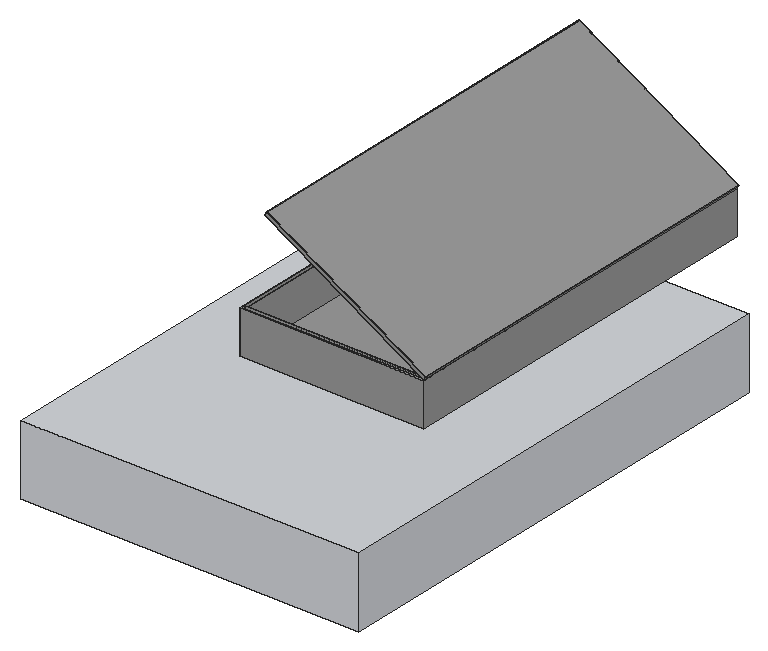
Revit family "Hager-Univers-IP44-D205-H1700-Cl.I-Encl-CH-it", category Equipement électrique, Revit 2020
Family settings
  Hôte = Face
  Configuration du panneau = Deux colonnes, circuits au sein
  Cote de connecteur circulaire = Utiliser le diamètre
  Type d'élément = Tableau de raccordement
  Couper avec des vides une fois chargée = Non
  Partagée = Non
  Point de calcul de pièce = Non
Parameters (values of type "A parete IP44 L800 A1700 P205  - FP13TN2")
  Width Control [instance] = if([EF000008 - Larghezza] > Min Width, [EF000008 - Larghezza], Min Width)  # 800 mm
  Commentaires du type = [HG000003 - Gamma]  # "Univers"
  Thickness Door [instance] = if([EF009171 - spessore materiale porta/coperchio] > 3 mm, 3 mm, [EF009171 - spessore materiale porta/coperchio])  # 1 mm
  Seal Frame Offset [instance] = 17 mm  # constant formula
  Plinth Visibility [instance] = [HG000027 - Altezza dello zoccolo] > 0 mm  # no
  Model = ""
  Min Width [instance] = 100 mm  # constant formula
  Min Height [instance] = 100 mm  # constant formula
  Min Depth [instance] = (2 * [EF009170 - spessore materiale scatola]) + 1 mm  # 3 mm
  Internal Frame Depth [instance] = (Door System Depth * 0.5)  # 9 mm
  Height Control [instance] = if([EF000040 - Altezza] > Min Height, [EF000040 - Altezza], Min Height)  # 1700 mm
  HG000027 - Altezza dello zoccolo = 0 mm
  HG000026 - A pavimento = no
  HG000024 - Altezza della sezione inferiore = 800 mm
  HG000023 - Custodia a doppia sezione = no
  HG000016 - Visibilità delle porte nella vista 3D [instance] = yes
  HG000015 - Visibilità attraverso la porta [instance] = no
  HG000014 - Porta destra [instance] = yes
  HG000013 - Porta sinistra [instance] = not([HG000014 - Porta destra])  # no
  HG000012 - Angolo di apertura della porta [instance] = 30.00°
  HG000010 - Porte asimmetriche = no
  HG000009 - Porta doppia a battente = no
  HG000006 - Ad incasso = no
  HG000004 - Codice produttore = "FP13TN2"
  HG000003 - Gamma = "Univers"
  HG000002 - Con porta = yes
  Frame Offset Bottom [instance] = 10 mm  # constant formula
  Frame Offset [instance] = 15 mm  # constant formula
  EF015940 - Coprire con rilascio di sovrapressione = no
  EF011959 - tipo di protezione (NEMA) = ""
  EF009554 - numero delle aperture per la piastra della flangia = 6
  Fabricant = "Hager"  # constant formula
  EF009212 - esecuzione coperchio = "EV000116 - chiuso"
  EF009171 - spessore materiale porta/coperchio = 1 mm
  EF009170 - spessore materiale scatola = 1 mm
  EF008873 - corrente nominale (In) = 400 A
  EF007800 - adatto per parafulmine = no
  EF006306 - con serratura = no
  EF006244 - coperchio/porta trasparente = no
  EF005474 - grado di protezione (IP) = "EV006418 - IP44"
  EF004464 - tipo di porta = "EV002646 - singolo"
  EF004427 - numero di moduli = 396
  EF004293 - resistenza agli urti = "EV006815 - IK09"
  EF003532 - adatto per uso esterno = no
  EF002950 - Numero moduli DIN = 36
  EF001613 - Integrità del circuito = "EV000494 - senza"
  EF001596 - Attacco Lampada = "EV000179 - acciaio"
  EF001131 - profondità interna = 205 mm
  EF001088 - possibilità di applicazione = yes
  EF000437 - numero di ingressi per conduttori = 6
  EF000339 - tipo di copertura = "EV001012 - coperchio"
  EF000266 - numero di file = 11
  EF000218 - profondità di incasso = 205 mm
  EF000118 - con piastra di montaggio = no
  EF000116 - numero RAL = "9010"
  EF000049 - profondità = 205 mm
  EF000040 - Altezza = 1700 mm
  EF000008 - Larghezza = 800 mm
  EF000007 - colore = "EV000202 - bianco"
  EF000003 - Tipo di montaggio = "EV000384 - A parete"
  Door System Leaf Tolerance [instance] = 1.5 mm  # constant formula
  Door System Depth [instance] = 18 mm  # constant formula
  Door Height [instance] = Height Control - [HG000027 - Altezza dello zoccolo]  # 1700 mm
  Depth Control [instance] = if([EF000049 - profondità] > Min Depth, [EF000049 - profondità], Min Depth)  # 205 mm
  Default Elevation = 0 mm
  Connector Offset [instance] = Height Control / 2  # 850 mm
  Bottom Top Plate Trim [instance] = 1.5 mm  # constant formula
  Plinth height Ctrl [instance] = if([HG000027 - Altezza dello zoccolo] > 0 mm, [HG000027 - Altezza dello zoccolo], 12 mm)  # 12 mm
Types (5, lengths in mm): name | Width Control | HG000010 - Porte asimmetriche | HG000009 - Porta doppia a battente | HG000004 - Codice produttore | EF009554 - numero delle aperture per la piastra della flangia | EF008873 - corrente nominale (In) | EF004464 - tipo di porta | EF004427 - numero di moduli | EF002950 - Numero moduli DIN | EF000437 - numero di ingressi per conduttori | EF000008 - Larghezza
  A parete IP44 L1050 A1700 P205  - FP14TN2 | 1050 | no | yes | "FP14TN2" | 8 | 400 A | "EV003602 - doppio" | 528 | 48 | 8 | 1050
  A parete IP44 L1300 A1700 P205  - FP15TN2 | 1300 | yes | yes | "FP15TN2" | 10 | 400 A | "EV003602 - doppio" | 660 | 60 | 10 | 1300
  A parete IP44 L300 A1700 P205  - FP11TN2 | 300 | no | no | "FP11TN2" | 2 | 250 A | "EV002646 - singolo" | 132 | 12 | 2 | 300
  A parete IP44 L550 A1700 P205  - FP12TN2 | 550 | no | no | "FP12TN2" | 4 | 250 A | "EV002646 - singolo" | 264 | 24 | 4 | 550
  A parete IP44 L800 A1700 P205  - FP13TN2 | 800 | no | no | "FP13TN2" | 6 | 400 A | "EV002646 - singolo" | 396 | 36 | 6 | 800
Reference planes
  plane 1 "Center (Front/Back)": y = 0
  plane 2: z = 0
  plane 3 "Center (Left/Right)": x = 0
  plane 4: z = 205
  plane 5: y = 1
  plane 6: y = 850
  plane 7: y = 0
  plane 8: y = 1700
  plane 9: z = 0
  plane 10: x = -385
  plane 11: x = 385
  plane 12: x = 384
  plane 13: x = -384
  plane 14: y = 1699
  plane 15: x = -383
  plane 16: x = -400
  plane 17: x = 383
  plane 18: x = 400
  plane 19: x = 399
  plane 20: x = -399
  plane 21: y = 11
  plane 22: y = 1700
  plane 23: y = 1684
  plane 24: z = 187
  plane 25: z = 1
  plane 26: z = 186
  plane 27: z = 204
Forms (mm)
  Extrusion 1, solid
    sketch origin (0, 0, 0) x (1, 0, 0) y (0, 1, 0)
      loop
        line (-702.964, 1305) -> (-702.964, -811.445) -> (766.763, -811.445) -> (766.763, 1305) -> (-702.964, 1305)
    from 0 to -304.8
  Extrusion 2, solid, material "Hager_Steel_RAL7035_Light_Grey", visible <- "Plinth Visibility", detail levels medium+fine
    sketch origin (0, 0, 0) x (1, 0, 0) y (0, 1, 0)
      loop
        line (-400, 0) -> (400, 0) -> (400, 12) -> (-400, 12) -> (-400, 0)
    from 0 to 187
  Extrusion 3, solid, material "Hager_Steel_RAL7035_Light_Grey", detail levels medium+fine
    sketch origin (0, 0, 0) x (1, 0, 0) y (0, 1, 0)
      loop
        line (-400, 0) -> (400, 0) -> (400, 1700) -> (-400, 1700) -> (-400, 0)
    from 0 to 187
  Extrusion 4, void
    sketch origin (0, 0, 0) x (1, 0, 0) y (0, 1, 0)
      loop
        line (-399, 1) -> (399, 1) -> (399, 1699) -> (-399, 1699) -> (-399, 1)
    from 1 to 186
  Extrusion 5, void
    sketch origin (-381.607, -4572, 187) x (0, -1, 0) y (-1, 0, 0)
      loop
        line (-4583, 2.393) -> (-6256, 2.393) -> (-6256, -765.607) -> (-4583, -765.607) -> (-4583, 2.393)
    from 0 to 1 <- "EF009170 - spessore materiale scatola"
  Extrusion 6, solid, material "Hager_Steel_RAL7035_Light_Grey", detail levels fine
    sketch origin (0, 0, 187) x (1, 0, 0) y (0, 1, 0)
      loop
        line (-384, 1684) -> (-384, 11) -> (384, 11) -> (384, 1684) -> (-384, 1684)
      loop
        line (-385, 10) -> (385, 10) -> (385, 1685) -> (-385, 1685) -> (-385, 10)
    from 0 to 9 <- "Internal Frame Depth"
  Extrusion 7, solid, material "Hager_Steel_RAL7035_Light_Grey", detail levels coarse
    sketch origin (0, 0, 0) x (1, 0, 0) y (0, 1, 0)
      loop
        line (-400, 0) -> (400, 0) -> (400, 1700) -> (-400, 1700) -> (-400, 0)
    from 0 to 205
  Sweep 8, void
    path in 3D
      loop
        line (-400, 12, 0) -> (400, 12, 0) -> (400, 12, 187) -> (-400, 12, 187) -> (-400, 12, 0)
    profile origin (-400, 12, 93.5) x (-1, 0, 0) y (0, -1, 0)
      loop
        line (0, 0) -> (0, 1.5) -> (-1.5, 1.5)
        arc (-1.5, 1.5) -> (-1.061, 0.439) -> (0, 0) r 1.5
Cuts and joins
  Extrusion 4, Extrusion 5 cuts Extrusion 3
  Sweep 8 cuts Extrusion 2
Lines and regions (mm)
  Masking region 1
    outline origin (0, 0, 0) x (1, 0, 0) y (0, 0, 1)
      loop
        line (-400, 205) -> (-400, 0) -> (400, 0) -> (400, 205) -> (-400, 205)
  Masking region 2, detail levels medium+fine
    outline origin (0, 140, 0) x (0, 1, 0) y (0, 0, 1)
      loop
        line (-140, 0) -> (1560, 0) -> (1560, 187) -> (-140, 187) -> (-140, 0)
  Masking region 3, not visible, detail levels medium+fine
    outline origin (0, 297.922, 0) x (0, 1, 0) y (0, 0, 1)
      loop
        line (563.578, 0) -> (603.578, 0) -> (603.578, 194)
        arc (603.578, 194) -> (600.649, 201.071) -> (593.578, 204) r 10
        line (593.578, 204) -> (563.578, 204) -> (563.578, 0)
  Masking region 4, detail levels coarse
    outline origin (0, 0, 180) x (0, 1, 0) y (0, 0, 1)
      loop
        line (0, -180) -> (1700, -180) -> (1700, 25) -> (0, 25) -> (0, -180)
  Masking region 5, visible <- "Plinth Visibility", detail levels medium+fine
    outline origin (0, 52.24, 12.345) x (0, 0, -1) y (0, 1, 0)
      loop
        line (10.845, -40.24) -> (-173.155, -40.24)
        arc (-173.155, -40.24) -> (-173.594, -41.301) -> (-174.655, -41.74) r 1.5
        line (-174.655, -41.74) -> (-174.655, -52.24) -> (12.345, -52.24) -> (12.345, -41.74)
        arc (12.345, -41.74) -> (11.285, -41.301) -> (10.845, -40.24) r 1.5
  Masking region 6, detail levels medium+fine
    outline origin (-381.607, -4572, 187) x (-1, 0, 0) y (0, -1, 0)
      loop
        line (18.393, -6272) -> (18.393, -4572) -> (-781.607, -4572) -> (-781.607, -6272) -> (18.393, -6272)
  Masking region 7, visible <- "Plinth Visibility", detail levels medium+fine
    outline origin (-381.607, -4727, 187) x (-1, 0, 0) y (0, -1, 0)
      loop
        arc (16.893, -4739) -> (17.332, -4737.939) -> (18.393, -4737.5) r 1.5
        line (18.393, -4737.5) -> (18.393, -4727) -> (-781.607, -4727) -> (-781.607, -4737.5)
        arc (-781.607, -4737.5) -> (-780.546, -4737.939) -> (-780.107, -4739) r 1.5
        line (-780.107, -4739) -> (16.893, -4739)
  Masking region 8, detail levels coarse
    outline origin (-442.548, -4669.526, 187) x (-1, 0, 0) y (0, -1, 0)
      loop
        line (-42.548, -6369.526) -> (-42.548, -4669.526) -> (-842.548, -4669.526) -> (-842.548, -6369.526) -> (-42.548, -6369.526)
  sketch lines
    curve 1: line (-400, 12, 187) -> (-400, 12, 0)
    curve 2: line (400, 12, 187) -> (-400, 12, 187)
    curve 3: line (400, 12, 187) -> (400, 12, 0)
    curve 4: line (-400, 12, 0) -> (400, 12, 0)
Dimensions and locks
  "Depth Control": plane 4 to Extrusion 1
  "HG000027 - Altezza dello zoccolo": plane 1 "Center (Front/Back)" to plane 7
  "EF009170 - spessore materiale scatola": plane 5 to plane 7
  locked: connector elem to plane 3 "Center (Left/Right)"
  equal spacing: plane 8, plane 6, plane 7
  locked: connector elem to plane 6
  "EF009170 - spessore materiale scatola": plane 8 to plane 14
  "EF009170 - spessore materiale scatola": plane 10 to plane 13
  "EF009170 - spessore materiale scatola": plane 12 to plane 11
  "Frame Offset": plane 20 to plane 13
  "Frame Offset": plane 12 to plane 19
  "EF009170 - spessore materiale scatola": plane 16 to plane 20
  "EF009170 - spessore materiale scatola": plane 19 to plane 18
  "Seal Frame Offset": plane 16 to plane 15
  "Seal Frame Offset": plane 17 to plane 18
  "Frame Offset Bottom": plane 21 to plane 5
  "Frame Offset": plane 14 to plane 23
  equal spacing: plane 16, plane 3 "Center (Left/Right)", plane 18
  "Width Control": plane 16 to plane 18
  "EF009170 - spessore materiale scatola": plane 4 to plane 27
  "EF009170 - spessore materiale scatola": plane 24 to plane 26
  "EF009170 - spessore materiale scatola": plane 25 to level
  "Door System Depth": plane 4 to plane 24
  "Height Control": plane 1 "Center (Front/Back)" to Extrusion 7 sketch curve
  "Height Control": Masking region 4 sketch curve to plane 1 "Center (Front/Back)"
  "Height Control": plane 1 "Center (Front/Back)" to plane 22
  "Bottom Top Plate Trim": profile plane to Sweep 8 sketch curve
  "Bottom Top Plate Trim": Sweep 8 sketch curve to profile plane
  "Plinth height Ctrl": plane 1 "Center (Front/Back)" to Extrusion 2 sketch curve
  "Plinth height Ctrl": Masking region 5 sketch curve to plane 1 "Center (Front/Back)"
  "Plinth height Ctrl": plane 1 "Center (Front/Back)" to Masking region 7 sketch curve
  "Thickness Door": Extrusion 6 sketch curve to Extrusion 6 sketch curve  (x3)
  "Thickness Door": cut or joined group of Extrusion 3, Extrusion 4, Extrusion 5 to Extrusion 6 sketch curve
  radius of Masking region 3 sketch curve = 10 mm
  "Bottom Top Plate Trim": radius of Masking region 5 sketch curve  (x2)
  "Bottom Top Plate Trim": radius of Sweep 8 sketch curve
  "Bottom Top Plate Trim": radius of Masking region 7 sketch curve  (x2)
  aligned and locked: plane 2 to Extrusion 1
  aligned and locked: level to Extrusion 1
  aligned and locked: level to Masking region 1 sketch curve
  aligned and locked: Masking region 1 sketch curve to plane 18
  aligned and locked: Masking region 1 sketch curve to plane 16
  aligned and locked: plane 7 to Masking region 2 sketch curve
  aligned and locked: level to Masking region 3 sketch curve
  aligned and locked: Masking region 3 sketch curve to plane 27
  aligned and locked: level to Masking region 2 sketch curve
  aligned and locked: plane 1 "Center (Front/Back)" to Extrusion 2 sketch curve
  aligned and locked: Extrusion 3 sketch curve to plane 7
  aligned and locked: plane 16 to Extrusion 3 sketch curve
  aligned and locked: plane 18 to Extrusion 3 sketch curve
  aligned and locked: plane 20 to Extrusion 4 sketch curve
  aligned and locked: plane 19 to Extrusion 4 sketch curve
  aligned and locked: Extrusion 4 sketch curve to plane 5
  aligned and locked: Extrusion 4 to plane 25
  aligned and locked: plane 26 to Extrusion 4
  aligned and locked: plane 24 to Extrusion 3
  aligned and locked: Extrusion 5 sketch curve to plane 21
  aligned and locked: Extrusion 5 sketch curve to plane 13
  aligned and locked: Extrusion 5 sketch curve to plane 12
  aligned and locked: plane 18 to Extrusion 7 sketch curve
  aligned and locked: plane 1 "Center (Front/Back)" to Extrusion 7 sketch curve
  aligned and locked: plane 16 to Extrusion 7 sketch curve
  aligned and locked: plane 4 to Extrusion 7
  aligned and locked: Extrusion 7 to level
  aligned and locked: level to Masking region 4 sketch curve
  aligned and locked: Masking region 4 sketch curve to plane 1 "Center (Front/Back)"
  aligned and locked: Masking region 4 sketch curve to plane 4
  aligned and locked: nested 1 to level
  aligned and locked: nested 1 to plane 16
  aligned and locked: plane 8 to Extrusion 3 sketch curve
  aligned and locked: plane 23 to Extrusion 5 sketch curve
  aligned and locked: plane 14 to Extrusion 4 sketch curve
  aligned and locked: Masking region 2 sketch curve to plane 8
  aligned and locked: level to Masking region 5 sketch curve
  aligned and locked: plane 16 to Extrusion 2 sketch curve
  aligned and locked: plane 18 to Extrusion 2 sketch curve
  aligned and locked: Masking region 5 sketch curve to plane 24
  aligned and locked: Masking region 2 sketch curve to plane 24
  aligned and locked: plane 24 to Extrusion 2
  aligned and locked: profile plane to Sweep 8 sketch curve  (x2)
  aligned and locked: Masking region 6 sketch curve to plane 18
  aligned and locked: Masking region 6 sketch curve to plane 22
  aligned and locked: Masking region 6 sketch curve to plane 16
  aligned and locked: plane 8 to plane 22
  aligned and locked: Masking region 6 sketch curve to plane 7
  aligned and locked: Masking region 7 sketch curve to plane 16
  aligned and locked: Masking region 7 sketch curve to plane 1 "Center (Front/Back)"
  aligned and locked: Masking region 7 sketch curve to plane 18
  aligned and locked: Masking region 8 sketch curve to plane 1 "Center (Front/Back)"
  aligned and locked: Masking region 8 sketch curve to plane 18
  aligned and locked: Masking region 8 sketch curve to plane 22
  aligned and locked: Masking region 8 sketch curve to plane 16
  aligned and locked: nested 2 to plane 7
  aligned and locked: plane 3 "Center (Left/Right)" to nested 2
  aligned and locked: nested 2 to plane 24
  aligned and locked: Extrusion 6 sketch curve to cut or joined group of Extrusion 3, Extrusion 4, Extrusion 5  (x4)
Automatic sketch dimensions
  Extrusion 1 sketch curve to Extrusion 1 sketch curve = 1469.727 mm
  Extrusion 1 sketch curve to Extrusion 1 sketch curve = 2116.445 mm
  Masking region 1 sketch curve to plane 4 = 0 mm
  plane 6 to Masking region 3 sketch curve = 11.5 mm
  Masking region 3 sketch curve to Masking region 3 sketch curve = 30 mm
  Masking region 5 sketch curve to plane 1 "Center (Front/Back)" = 0 mm
Nested families
  nested 1: "Hager_Enclosure_Symbol" at (-400, 0, 0) x (1, 0, 0) z (0, -1, 0), Height <- "Depth Control", Width <- "Width Control", type "Hager_Enclosure_Symbol"
    with Width_Ctrl 800 mm, Width 800 mm, Height_Ctrl 205 mm, Height 205 mm, A_Width_Int 13.453 mm, A_Width 161.438 mm, A_Height_Ctrl 179.375 mm, A_Height 179.375 mm
  nested 2: "EC000058_Univers_Door" at (0, 0, 187) x (1, 0, 0) z (0, 1, 0), Leaf_Tolerance <- "Door System Leaf Tolerance", Angle <- "HG000012 - Angolo di apertura della porta", Door_Depth <- "Door System Depth", Door_Left <- "HG000013 - Porta sinistra", Transparent <- "EF006244 - coperchio/porta trasparente", Assymetrical <- "HG000010 - Porte asimmetriche", Width <- "Width Control", Clearance <- "HG000015 - Visibilità attraverso la porta", Double <- "HG000009 - Porta doppia a battente", 3d_Door <- "HG000016 - Visibilità delle porte nella vista 3D", Lock_Visibility <- "EF006306 - con serratura", Width_Ctrl <- "Width Control", Door_Right <- "HG000014 - Porta destra", Door <- "HG000002 - Con porta", Height <- "Door Height", Thickness <- "Thickness Door", type "EC000058_Univers_Door", detail levels medium+fine
    with min_wh 3 mm, Width_Ctrl 800 mm, Width 800 mm, Transparent no, Thickness 1 mm, Seal_Material Hager_Rubber, Lock_Visibility no, Lock_Material Hager_Plastic_RAL9005_Jet_Black, Leaf_Width 800 mm, Leaf_Tolerance_External_Sides 0 mm, Leaf_Tolerance 1.5 mm, Leaf_Offset 0 mm, Leaf_Height 1697 mm, Leaf_2_Width 800 mm, Leaf_2_Offset 400 mm, Leaf_1_Width 800 mm, Leaf_1_Offset 400 mm, Height_Ctrl 1700 mm, Height 1700 mm, Glass_Material Hager_Glass, Double_Clearance_Ctrl no, Double no, Door_Right_Ctrl yes, Door_Right yes, Door_Material Hager_Steel_RAL7035_Light_Grey, Door_Left_Ctrl no, Door_Left no, Door_Depth 18 mm, Door yes, Clearance_Material Hager_Clearance, Clearance_Depth 800 mm, Clearance_Ctrl no, Clearance no, Assymetrical no, Angle 30.00°, 3d_Door yes
Connectors
  electrical at (0, 850, 0)
    settings: on plane 9, index 1, voltage 0 V, apparent load 0 VA, apparent load phase1 0 VA, apparent load phase2 0 VA, apparent load phase3 0 VA, power factor 1, load classification "Other", number of poles 1, system type 30, power factor state 1, is connector primary yes, connector utility no, sub classification motor no, connector description ""
Definition of nested family "EC000058_Univers_Door"
  Parameters (values of type "EC000058_Univers_Door")
    min_wh [instance] = (2 * Thickness) + 1 mm  # 11 mm
    Width_Ctrl [instance] = 400 mm
    Width [instance] = 500 mm
    Transparent [instance] = yes
    Thickness [instance] = 5 mm
    Seal_Material [instance] = none
    Lock_Visibility [instance] = yes
    Lock_Material [instance] = none
    Leaf_Width [instance] = if((Width_Ctrl - 2 * Leaf_Tolerance_External_Sides) > 0 mm, (Width_Ctrl - 2 * Leaf_Tolerance_External_Sides), min_wh)  # 400 mm
    Leaf_Tolerance_External_Sides [instance] = 0 mm  # constant formula
    Leaf_Tolerance [instance] = 1.5 mm
    Leaf_Offset [instance] = 0 mm  # constant formula
    Leaf_Height [instance] = if((Height_Ctrl - 2 * Leaf_Tolerance) > 0 mm, (Height_Ctrl - 2 * Leaf_Tolerance), min_wh)  # 497 mm
    Leaf_2_Width [instance] = if(and(and(Double, Assymetrical), Door_Left), (Leaf_Width / 3) - (Leaf_Tolerance / 2), if(and(and(Double, Assymetrical), Door_Right), (Leaf_Width / 3) * 2 - (Leaf_Tolerance / 2), if(and(Double, not(Assymetrical)), (Leaf_Width / 2) - Leaf_Tolerance, Leaf_Width)))  # 400 mm
    Leaf_2_Offset [instance] = if(and(Double, Assymetrical), Leaf_2_Width / 2, if(and(Double, not(Assymetrical)), Leaf_Width / 4, Leaf_Width / 2))  # 200 mm
    Leaf_1_Width [instance] = if(and(and(Double, Assymetrical), Door_Right), (Leaf_Width / 3) - (Leaf_Tolerance / 2), if(and(and(Double, Assymetrical), Door_Left), (Width / 3) * 2 - (Leaf_Tolerance / 2), if(and(Double, not(Assymetrical)), (Leaf_Width / 2) - Leaf_Tolerance, Leaf_Width)))  # 400 mm
    Leaf_1_Offset [instance] = if(and(Double, Assymetrical), Leaf_1_Width / 2, if(and(Double, not(Assymetrical)), Leaf_Width / 4, Leaf_Width / 2))  # 200 mm
    Height_Ctrl [instance] = if(Height > min_wh, Height, min_wh)  # 500 mm
    Height [instance] = 500 mm
    Glass_Material [instance] = none
    Double_Clearance_Ctrl [instance] = and(Double, Clearance)  # no
    Double [instance] = no
    Door_Right_Ctrl [instance] = and(or(Door_Right, Double), Door)  # yes
    Door_Right [instance] = yes
    Door_Material [instance] = none
    Door_Left_Ctrl [instance] = and(or(Door_Left, Double), Door)  # no
    Door_Left [instance] = no
    Door_Depth [instance] = 30 mm
    Door [instance] = yes
    Default Elevation = 1219.2 mm
    Clearance_Material [instance] = none
    Clearance_Depth [instance] = if(Leaf_1_Width > Leaf_2_Width, Leaf_1_Width, Leaf_2_Width)  # 400 mm
    Clearance_Ctrl [instance] = and(not(Double), Clearance)  # yes
    Clearance [instance] = yes
    Assymetrical [instance] = yes
    Angle [instance] = 30.00°
    3d_Door [instance] = yes
  Reference planes
    plane 1 "Center (Front/Back)": y = 0
    plane 2 "Bottom": z = 0
    plane 3 "Center (Left/Right)": x = 0
    plane 4: z = 500
    plane 5: x = -200
    plane 6: x = 200
    plane 7: z = 500
    plane 8: x = -200
    plane 9: z = 0
    plane 10: x = 200
    plane 11: y = 0
    plane 12: z = 1.5
    plane 13: x = -600
    plane 14: y = -400
    plane 15: x = 600
    plane 16: x = 0
    plane 17: x = 0
    plane 18: x = -200
    plane 19: x = 200
    plane 20: z = 498.5
  Forms (mm)
    Extrusion 1, solid, material <- "Clearance_Material", visible <- "Double_Clearance_Ctrl"
      sketch origin (1200, 0, 0) x (1, 0, 0) y (0, 0, -1)
        loop
          line (-1800, -498.5) -> (-600, -498.5) -> (-600, 0) -> (-1800, 0) -> (-1800, -498.5)
      from 0 to -400
  Dimensions and locks
    equal spacing: plane 5, plane 3 "Center (Left/Right)", plane 6
    "Width_Ctrl": plane 5 to plane 6
    "Leaf_Offset": plane 5 to plane 8
    "Leaf_Offset": plane 6 to plane 10
    "Leaf_Offset": plane 9 to level
    "Leaf_Offset": plane 4 to plane 7
    "Height_Ctrl": plane 4 to level
    "Leaf_Tolerance": plane 12 to plane 9
    locked: plane 11 to plane 1 "Center (Front/Back)"
    "Leaf_1_Offset": plane 18 to plane 16
    "Leaf_2_Offset": plane 17 to plane 19
    "Leaf_1_Width": plane 13 to plane 8
    "Leaf_2_Width": plane 10 to plane 15
    "Clearance_Depth": plane 14 to plane 1 "Center (Front/Back)"
    "Leaf_Tolerance_External_Sides": plane 8 to plane 18
    "Leaf_Tolerance_External_Sides": plane 19 to plane 10
    "Leaf_Tolerance": plane 7 to plane 20
    aligned and locked: level to plane 2 "Bottom"
    aligned and locked: nested 1 to plane 16
    aligned and locked: nested 2 to plane 17
    aligned and locked: Extrusion 1 to plane 13
    aligned and locked: plane 15 to Extrusion 1
    aligned and locked: Extrusion 1 to plane 14
    aligned and locked: plane 12 to nested 1
    aligned and locked: nested 2 to plane 12
    aligned and locked: Extrusion 1 to plane 11
    aligned and locked: plane 20 to Extrusion 1
    aligned and locked: nested 2 to plane 11
    aligned and locked: nested 1 to plane 11
  Automatic sketch dimensions
    Extrusion 1 sketch curve to level = 0 mm
    plane 5 to Extrusion 1 sketch curve = 400 mm
    plane 6 to Extrusion 1 sketch curve = 400 mm
    Extrusion 1 sketch curve to plane 4 = 1.5 mm
  Nested families
    nested 1: "EC000058_Univers_Door_Leaf" at (0, 0, 1.5), Width <- "Leaf_1_Width", visible <- "Door_Left_Ctrl", Leaf_Height <- "Leaf_Height", Angle <- "Angle", 3d_Door <- "3d_Door", Transparent <- "Transparent", Clearance Material <- "Clearance_Material", Clearance <- "Clearance_Ctrl", Door_Material <- "Door_Material", Glass_Material <- "Glass_Material", Door_Depth <- "Door_Depth", Lock_Material <- "Lock_Material", Seal_Material <- "Seal_Material", Lock_Visibility <- "Lock_Visibility", Thickness <- "Thickness", type "EC000058_Univers_Door_Leaf"
      with Width 400 mm, Transparent_Glass_Offset 30 mm, Transparent_Ctrl yes, Transparent yes, Thickness 5 mm, Standard no, Seal_Material none, Seal_D2 8 mm, Seal_D1 1 mm, Offset_Internal_Frame 10 mm, Lock_Width 20 mm, Lock_Visibility_3d yes, Lock_Visibility yes, Lock_Thickness_3 3 mm, Lock_Thickness_2 1 mm, Lock_Thickness_1 3 mm, Lock_Radius_Offset_2 16 mm, Lock_Radius_Offset_1 15 mm, Lock_Radius_2 5 mm, Lock_Radius 6 mm, Lock_Offset 5 mm, Lock_Material none, Lock_Height 80 mm, Lock_Cover_Top_Offset_2d 17 mm, Lock_Cover_Height -65 mm, Leaf_Height 497 mm, Internal_Seal_Thickness 8 mm, Internal_Seal_Depth_2 4.5 mm, Internal_Frame_Depth 25 mm, Glass_Thickness -1 mm, Glass_Offset -2 mm, Glass_Material none, Door_Material none, Door_Depth 30 mm, Clearance Material none, Clearance yes, Angle_Ctrl 30.00°, Angle 30.00°, 3d_Door yes
    nested 2: "EC000058_Univers_Door_Leaf" at (0, 0, 1.5) x (-1, 0, 0) z (0, 0, 1), Width <- "Leaf_2_Width", visible <- "Door_Right_Ctrl", Leaf_Height <- "Leaf_Height", Angle <- "Angle", 3d_Door <- "3d_Door", Transparent <- "Transparent", Clearance Material <- "Clearance_Material", Clearance <- "Clearance_Ctrl", Door_Material <- "Door_Material", Glass_Material <- "Glass_Material", Door_Depth <- "Door_Depth", Lock_Material <- "Lock_Material", Seal_Material <- "Seal_Material", Lock_Visibility <- "Lock_Visibility", Thickness <- "Thickness", type "EC000058_Univers_Door_Leaf"
      with Width 400 mm, Transparent_Glass_Offset 30 mm, Transparent_Ctrl yes, Transparent yes, Thickness 5 mm, Standard no, Seal_Material none, Seal_D2 8 mm, Seal_D1 1 mm, Offset_Internal_Frame 10 mm, Lock_Width 20 mm, Lock_Visibility_3d yes, Lock_Visibility yes, Lock_Thickness_3 3 mm, Lock_Thickness_2 1 mm, Lock_Thickness_1 3 mm, Lock_Radius_Offset_2 16 mm, Lock_Radius_Offset_1 15 mm, Lock_Radius_2 5 mm, Lock_Radius 6 mm, Lock_Offset 5 mm, Lock_Material none, Lock_Height 80 mm, Lock_Cover_Top_Offset_2d 17 mm, Lock_Cover_Height -65 mm, Leaf_Height 497 mm, Internal_Seal_Thickness 8 mm, Internal_Seal_Depth_2 4.5 mm, Internal_Frame_Depth 25 mm, Glass_Thickness -1 mm, Glass_Offset -2 mm, Glass_Material none, Door_Material none, Door_Depth 30 mm, Clearance Material none, Clearance yes, Angle_Ctrl 30.00°, Angle 30.00°, 3d_Door yes
  Definition of nested family "EC000058_Univers_Door_Leaf"
    Parameters (values of type "EC000058_Univers_Door_Leaf")
      Width [instance] = 2000 mm
      Transparent_Glass_Offset [instance] = 30 mm
      Transparent_Ctrl [instance] = and(Transparent, [3d_Door])  # yes
      Transparent [instance] = yes
      Thickness [instance] = 5 mm
      Standard [instance] = and(not(Transparent), [3d_Door])  # no
      Seal_Material [instance] = none
      Seal_D2 [instance] = 8 mm  # constant formula
      Seal_D1 [instance] = 1 mm  # constant formula
      Offset_Internal_Frame [instance] = 10 mm  # constant formula
      Lock_Width [instance] = 20 mm  # constant formula
      Lock_Visibility_3d [instance] = and(Lock_Visibility, [3d_Door])  # yes
      Lock_Visibility [instance] = yes
      Lock_Thickness_3 [instance] = 3 mm  # constant formula
      Lock_Thickness_2 [instance] = 1 mm  # constant formula
      Lock_Thickness_1 [instance] = 3 mm  # constant formula
      Lock_Radius_Offset_2 [instance] = Lock_Radius_Offset_1 + 1 mm  # 16 mm
      Lock_Radius_Offset_1 [instance] = 15 mm  # constant formula
      Lock_Radius_2 [instance] = Lock_Radius - 1 mm  # 5 mm
      Lock_Radius [instance] = 6 mm  # constant formula
      Lock_Offset [instance] = 5 mm  # constant formula
      Lock_Material [instance] = none
      Lock_Height [instance] = 80 mm  # constant formula
      Lock_Cover_Top_Offset_2d [instance] = Lock_Radius_Offset_2 + 1 mm  # 17 mm
      Lock_Cover_Height [instance] = -(Lock_Height - Lock_Radius_Offset_1)  # -65 mm
      Leaf_Height [instance] = 2720.336 mm
      Internal_Seal_Thickness [instance] = 8 mm  # constant formula
      Internal_Seal_Depth_2 [instance] = 4.5 mm  # constant formula
      Internal_Frame_Depth [instance] = if(Door_Depth - Thickness > 5 mm, Door_Depth - Thickness, 5 mm)  # 25 mm
      Glass_Thickness [instance] = if(Thickness > 15 mm, Glass_Offset + 10 mm, -1 mm)  # -1 mm
      Glass_Offset [instance] = if(Thickness > 15 mm, -(Thickness + 10 mm) / 2, -2 mm)  # -2 mm
      Glass_Material [instance] = none
      Door_Material [instance] = none
      Door_Depth [instance] = 30 mm
      Default Elevation = 0 mm
      Clearance Material [instance] = none
      Clearance [instance] = yes
      Angle_Ctrl [instance] = if(Angle > 180.00°, 180.00°, Angle)  # 90.00°
      Angle [instance] = 90.00°
      3d_Door [instance] = yes
    Reference planes
      plane 1 "Center (Front/Back)": y = 0
      plane 2: z = 0
      plane 3 "Center (Left/Right)": x = 0
      plane 4: y = 2000
      plane 5: x = -1000
      plane 6: x = 1000
      plane 7: x = -3000
      plane 8: z = 2720.336
      plane 9: z = 30
      plane 10: z = 2690.336
      plane 11: x = 970
      plane 12: x = -970
      plane 13: y = -3
      plane 14: z = 107.833
      plane 15: y = -5
      plane 16: y = -223.314
      plane 17: x = -1000
      plane 18: z = 1360.168
      plane 19: y = 30
    Forms (mm)
      Extrusion 1, solid, material <- "Clearance Material", visible <- "Clearance"
        sketch origin (0, 0, 0) x (1, 0, 0) y (0, 0, 1)
          loop
            line (-3000, 2720.336) -> (-3000, 0) -> (1000, 0) -> (1000, 2720.336) -> (-3000, 2720.336)
        from 0 to -2000
      Extrusion 2, solid, material <- "Door_Material", visible <- "Standard", detail levels medium+fine
        sketch origin (-1000, 0, 0) x (0, 1, 0) y (-1, 0, 0)
          loop
            line (0, 30) -> (0, 25) -> (2000, 25) -> (2000, 30) -> (0, 30)
        from 0 to 2720.336 <- "Leaf_Height"
      Extrusion 3, solid, material <- "Door_Material", visible <- "Transparent_Ctrl", detail levels medium+fine
        sketch origin (-1000, 0, 0) x (0, 1, 0) y (-1, 0, 0)
          loop
            line (0, 25) -> (2000, 25) -> (2000, 30) -> (0, 30) -> (0, 25)
        from 0 to 2720.336 <- "Leaf_Height"
      Extrusion 4, void
        sketch origin (-1025, 2000, 0) x (0, 1, 0) y (0, 0, -1)
          loop
            line (-30, -2690.336) -> (-30, -30) -> (-1970, -30) -> (-1970, -2690.336) -> (-30, -2690.336)
        from 0 to 5 <- "Thickness"
      Sweep 5, solid, material <- "Seal_Material", visible <- "Transparent_Ctrl", detail levels fine
        path in 3D
          loop
            line (-1025, 30, 30) -> (-1025, 30, 2690.336) -> (-1025, 1970, 2690.336) -> (-1025, 1970, 30) -> (-1025, 30, 30)
        profile origin (-1025, 1000, 30) x (1, 0, 0) y (0, 0, 1)
          loop
            line (0, 0) -> (0, -8) -> (1, -8) -> (1, 0) -> (0, 0)
      Extrusion 6, solid, material <- "Glass_Material", visible <- "Transparent_Ctrl", detail levels medium+fine
        sketch origin (-1030, 0, 0) x (0, 1, 0) y (0, 0, -1)
          loop
            line (1970, -2690.336) -> (1970, -30) -> (30, -30) -> (30, -2690.336) -> (1970, -2690.336)
        from -2 <- "Glass_Offset" to -1 <- "Glass_Thickness"
      Extrusion 7, solid, material <- "Door_Material", visible <- "3d_Door", detail levels medium+fine
        sketch origin (-1025, 2000, 0) x (0, -1, 0) y (0, 0, -1)
          loop
            line (0, -2720.336) -> (2000, -2720.336) -> (2000, 0) -> (0, 0) -> (0, -2720.336)
          loop
            line (1995, -5) -> (5, -5) -> (5, -2715.336) -> (1995, -2715.336) -> (1995, -5)
        from 0 to 25 <- "Internal_Frame_Depth"
      Sweep 8, solid, material <- "Seal_Material", visible <- "Transparent_Ctrl", detail levels fine
        path in 3D
          loop
            line (-1025, 0, 0) -> (-1025, 2000, 0) -> (-1025, 2000, 2720.336) -> (-1025, 0, 2720.336) -> (-1025, 0, 0)
        profile origin (-1025, 0, 1360.168) x (1, 0, 0) y (0, 1, 0)
          loop
            line (0, 10) -> (2.975, 10)
            arc (2.975, 10) -> (4.053, 10.447) -> (4.5, 11.525) r 1.525
            line (4.5, 11.525) -> (4.5, 16.527)
            arc (4.5, 16.527) -> (4.069, 17.569) -> (3.027, 18) r 1.473
            line (3.027, 18) -> (0, 18) -> (0, 10)
      Extrusion 9, solid, material <- "Lock_Material", visible <- "Lock_Visibility_3d", detail levels fine
        sketch origin (-1030, 0, 0) x (0, 1, 0) y (0, 0, -1)
          loop
            arc (1993.5, -1400.168) -> (1994.561, -1399.729) -> (1995, -1398.668) r 1.5
            line (1995, -1398.668) -> (1995, -1320.168) -> (1975, -1320.168) -> (1975, -1398.668)
            arc (1975, -1398.668) -> (1975.439, -1399.729) -> (1976.5, -1400.168) r 1.5
            line (1976.5, -1400.168) -> (1993.5, -1400.168)
        from 3 <- "Lock_Thickness_1" to 0
      Blend 10, solid, material <- "Lock_Material", visible <- "Lock_Visibility_3d", detail levels fine
        base sketch origin (-1033, 0, 0) x (0, 1, 0) y (0, 0, -1)
          loop
            line (1975, -1320.168) -> (1975, -1398.668)
            arc (1975, -1398.668) -> (1975.439, -1399.729) -> (1976.5, -1400.168) r 1.5
            line (1976.5, -1400.168) -> (1993.5, -1400.168)
            arc (1993.5, -1400.168) -> (1994.561, -1399.729) -> (1995, -1398.668) r 1.5
            line (1995, -1398.668) -> (1995, -1320.168) -> (1975, -1320.168)
        top sketch origin (-1033, 0, 0) x (0, 1, 0) y (0, 0, -1)
          loop
            line (1976, -1320.168) -> (1976, -1398.668)
            arc (1976, -1398.668) -> (1976.146, -1399.022) -> (1976.5, -1399.168) r 0.5
            line (1976.5, -1399.168) -> (1993.5, -1399.168)
            arc (1993.5, -1399.168) -> (1993.854, -1399.022) -> (1994, -1398.668) r 0.5
            line (1994, -1398.668) -> (1994, -1320.168) -> (1976, -1320.168)
        from 0 to 1 <- "Lock_Thickness_2"
      Blend 11, solid, material <- "Lock_Material", visible <- "Lock_Visibility_3d", detail levels fine
        base sketch origin (-1034, 0, 0) x (0, 1, 0) y (0, 0, -1)
          loop
            line (1978, -1320.168) -> (1978, -1384.168)
            arc (1978, -1384.168) -> (1985, -1391.168) -> (1992, -1384.168) r 7
            line (1992, -1384.168) -> (1992, -1320.168) -> (1978, -1320.168)
        top sketch origin (-1034, 0, 0) x (0, 1, 0) y (0, 0, -1)
          loop
            line (1991, -1320.168) -> (1979, -1320.168) -> (1979, -1383.168)
            arc (1979, -1383.168) -> (1985, -1389.168) -> (1991, -1383.168) r 6
            line (1991, -1383.168) -> (1991, -1320.168)
        from 0 to 3 <- "Lock_Thickness_3"
      Extrusion 12, solid, material <- "Lock_Material", visible <- "Lock_Visibility_3d", detail levels fine
        sketch origin (-1030, 1975, 1320.168) x (1, 0, 0) y (0, -1, 0)
          loop
            line (-7, -19) -> (-7, -1) -> (0, -1) -> (0, 0) -> (-8, 0) -> (-8, -20) -> (0, -20) -> (0, -19) -> (-7, -19)
        from 0 to -65 <- "Lock_Cover_Height"
      Extrusion 13, void
        sketch origin (-1038, 1995, 1320.168) x (-1, 0, 0) y (0, 0, -1)
          loop
            line (-5, -65) -> (0, -65) -> (-5, -60) -> (-5, -65)
        from 0 to 20 <- "Lock_Width"
      Extrusion 14, void
        sketch origin (-1038, 1975, 1320.168) x (0, -1, 0) y (0, 0, -1)
          loop
            circle (-10, -15.995) r 6
          loop
            circle (-10, -15.995) r 5
        from 0 to 2
      Extrusion 15, solid, material <- "Lock_Material", visible <- "Lock_Visibility_3d", detail levels medium
        sketch origin (-1030, 0, 0) x (0, 1, 0) y (0, 0, -1)
          loop
            arc (1993.5, -1400.168) -> (1994.561, -1399.729) -> (1995, -1398.668) r 1.5
            line (1995, -1398.668) -> (1995, -1320.168) -> (1975, -1320.168) -> (1975, -1398.668)
            arc (1975, -1398.668) -> (1975.439, -1399.729) -> (1976.5, -1400.168) r 1.5
            line (1976.5, -1400.168) -> (1993.5, -1400.168)
        from 8 to 0
    Cuts and joins
      Extrusion 4 cuts Extrusion 3
      Extrusion 13, Extrusion 14 cuts Extrusion 9
      Extrusion 14 cuts Blend 11
      Extrusion 13, Extrusion 14 cuts Extrusion 12
      joined: Extrusion 9, Blend 10, Blend 11, Extrusion 12
      Extrusion 14 cuts Extrusion 15
    Lines and regions (mm)
      Masking region 1, visible <- "Lock_Visibility", detail levels fine
        outline origin (0, 0, 0) x (0, 1, 0) y (0, 0, 1)
          loop
            line (30, 1320.168) -> (33, 1320.168) -> (33, 1400.168) -> (30, 1400.168) -> (30, 1320.168)
      Masking region 2, visible <- "Lock_Visibility", detail levels fine
        outline origin (0, 3.143, 0) x (0, 1, 0) y (0, 0, 1)
          loop
            line (29.857, 1354.168) -> (30.857, 1354.168) -> (30.857, 1366.168) -> (29.857, 1366.168) -> (29.857, 1354.168)
      Masking region 3, detail levels medium+fine
        outline origin (0, 0, 0) x (0, 1, 0) y (0, 0, 1)
          loop
            line (0, 0) -> (30, 0) -> (30, 2720.336) -> (0, 2720.336) -> (0, 0)
      Masking region 4, detail levels medium+fine
        outline origin (0, 0, 0) x (1, 0, 0) y (0, 0, 1)
          loop
            line (-1000, 2720.336) -> (-1000, 0) -> (1000, 0) -> (1000, 2720.336) -> (-1000, 2720.336)
      Masking region 5, visible <- "Lock_Visibility", detail levels fine
        outline origin (-47.116, 0, 0) x (1, 0, 0) y (0, 0, 1)
          loop
            arc (1024.616, 1399.168) -> (1023.556, 1398.729) -> (1023.116, 1397.668) r 1.5
            line (1023.116, 1397.668) -> (1023.116, 1320.168) -> (1041.116, 1320.168) -> (1041.116, 1397.668)
            arc (1041.116, 1397.668) -> (1040.677, 1398.729) -> (1039.616, 1399.168) r 1.5
            line (1039.616, 1399.168) -> (1024.616, 1399.168)
      Masking region 6, visible <- "Lock_Visibility", detail levels medium+fine
        outline origin (-25, 0, 0) x (1, 0, 0) y (0, 0, 1)
          loop
            arc (1001.5, 1400.168) -> (1000.439, 1399.729) -> (1000, 1398.668) r 1.5
            line (1000, 1398.668) -> (1000, 1320.168) -> (1020, 1320.168) -> (1020, 1398.668)
            arc (1020, 1398.668) -> (1019.561, 1399.729) -> (1018.5, 1400.168) r 1.5
            line (1018.5, 1400.168) -> (1001.5, 1400.168)
      Masking region 7, visible <- "Lock_Visibility", detail levels fine
        outline origin (-73.735, 0, 0) x (1, 0, 0) y (0, 0, 1)
          loop
            line (1051.735, 1382.168) -> (1065.735, 1382.168) -> (1065.735, 1384.168)
            arc (1065.735, 1384.168) -> (1058.735, 1391.168) -> (1051.735, 1384.168) r 7
            line (1051.735, 1384.168) -> (1051.735, 1382.168)
      Masking region 8, visible <- "Lock_Visibility", detail levels fine
        outline origin (-73.735, 0, 0) x (1, 0, 0) y (0, 0, 1)
          loop
            line (1052.735, 1382.168) -> (1064.735, 1382.168) -> (1064.735, 1383.168)
            arc (1064.735, 1383.168) -> (1058.735, 1389.168) -> (1052.735, 1383.168) r 6
            line (1052.735, 1383.168) -> (1052.735, 1382.168)
      Masking region 9, visible <- "Lock_Visibility", detail levels fine
        outline origin (-25, 0, 0) x (1, 0, 0) y (0, 0, 1)
          loop
            line (1020, 1320.168) -> (1020, 1382.168) -> (1000, 1382.168) -> (1000, 1320.168) -> (1020, 1320.168)
      Masking region 10, detail levels medium+fine
        outline origin (0, 0, 0) x (1, 0, 0) y (0, 0, 1)
          loop
            circle (985, 1335.144) r 6
      Masking region 11, detail levels fine
        outline origin (0, 0, 0) x (1, 0, 0) y (0, 0, 1)
          loop
            circle (985, 1335.144) r 5
      Masking region 12, visible <- "Lock_Visibility", detail levels fine
        outline origin (0, 12.767, 0) x (0, 1, 0) y (0, 0, 1)
          loop
            line (20.233, 1320.168) -> (21.233, 1320.168) -> (21.233, 1399.168) -> (20.233, 1400.168) -> (20.233, 1320.168)
      Masking region 13, visible <- "Lock_Visibility", detail levels fine
        outline origin (0, 13.767, -10) x (0, 1, 0) y (0, 0, 1)
          loop
            line (20.233, 1330.168) -> (23.233, 1330.168) -> (23.233, 1399.168) -> (20.233, 1402.168) -> (20.233, 1330.168)
      Masking region 14, visible <- "Lock_Visibility", detail levels fine
        outline origin (0, 12.767, -10) x (0, 1, 0) y (0, 0, 1)
          loop
            line (20.233, 1330.168) -> (25.233, 1330.168) -> (25.233, 1399.305) -> (20.233, 1394.305) -> (20.233, 1330.168)
      Masking region 15, visible <- "Lock_Visibility", detail levels medium
        outline origin (0, 0, 0) x (0, 1, 0) y (0, 0, 1)
          loop
            line (30, 1320.168) -> (38, 1320.168) -> (38, 1400.168) -> (30, 1400.168) -> (30, 1320.168)
      Masking region 16, visible <- "Lock_Visibility", detail levels fine
        outline origin (-1000, 0, 0) x (0, 1, 0) y (-1, 0, 0)
          loop
            line (1975, 30) -> (1995, 30) -> (1995, 38) -> (1975, 38) -> (1975, 30)
          loop
            line (1979, 37) -> (1976, 37) -> (1976, 34) -> (1978, 34) -> (1979, 37)
          loop
            line (1994, 37) -> (1991, 37) -> (1992, 34) -> (1994, 34) -> (1994, 37)
      Masking region 17, visible <- "Lock_Visibility", detail levels medium
        outline origin (-1000, 0, 0) x (0, 1, 0) y (-1, 0, 0)
          loop
            line (1975, 30) -> (1995, 30) -> (1995, 38) -> (1975, 38) -> (1975, 30)
      symbolic lines
        curve 1: line (1000, 0, 0) -> (-3000, 0, 0)
        curve 2: arc (1000, 0, 0) -> (-1000, 2000, 0) -> (-3000, 0, 0) r 2000
        curve 4: line (-1030, 0, 0) -> (-1030, 2000, 0)
      reference lines
        curve 3: line (-1000, 0, 0) -> (-1000, 2000, 0)
      symbolic lines, detail levels medium+fine
        curve 5: line (-1030, 2000, 0) -> (-1025, 2000, 0)
        curve 7: line (-1025, 0, 0) -> (-1030, 0, 0)
        curve 8: line (-1025, 0, 0) -> (-1000, 0, 0)
        curve 9: line (-1000, 0, 0) -> (-1000, 2000, 0)
        curve 10: line (-1000, 2000, 0) -> (-1025, 2000, 0)
      symbolic lines, detail levels fine
        curve 6: line (-1025, 2000, 0) -> (-1025, 0, 0)
      sketch lines
        curve 11: line (-1025, 0, 2720.336) -> (-1025, 0, 0)
        curve 12: line (-1025, 2000, 0) -> (-1025, 0, 0)
        curve 13: line (-1025, 2000, 2720.336) -> (-1025, 2000, 0)
        curve 14: line (-1025, 0, 2720.336) -> (-1025, 2000, 2720.336)
        curve 15: line (-1025, 1970, 30) -> (-1025, 30, 30)
        curve 16: line (-1025, 30, 30) -> (-1025, 30, 2690.336)
        curve 17: line (-1025, 1970, 2690.336) -> (-1025, 1970, 30)
        curve 18: line (-1025, 30, 2690.336) -> (-1025, 1970, 2690.336)
      symbolic lines, visible <- "Transparent", detail levels medium+fine
        curve 19: line (-970, 0, 2690.336) -> (970, 0, 2690.336)
        curve 20: line (-970, 0, 30) -> (-970, 0, 2690.336)
        curve 21: line (970, 0, 30) -> (-970, 0, 30)
        curve 22: line (970, 0, 2690.336) -> (970, 0, 30)
    Dimensions and locks
      "Width": plane 1 "Center (Front/Back)" to plane 4
      equal spacing: plane 5, plane 3 "Center (Left/Right)", plane 6
      "Width": plane 5 to plane 6
      "Width": plane 7 to plane 5
      "Leaf_Height": plane 8 to level
      "Width": curve 5 to curve 3
      "Width": curve 3 to curve 3
      plane 8 to plane 10 = 30 mm
      plane 9 to level = 30 mm
      plane 12 to plane 5 = 30 mm
      plane 6 to plane 11 = 30 mm
      Extrusion 1 to Extrusion 4 sketch curve = 30 mm
      "Transparent_Glass_Offset": curve 3 to Extrusion 4 sketch curve
      "Transparent_Glass_Offset": Extrusion 4 sketch curve to cut or joined group of Extrusion 3, Extrusion 4  (x2)
      cut or joined group of Extrusion 3, Extrusion 4 to Extrusion 6 sketch curve = 30 mm
      "Transparent_Glass_Offset": cut or joined group of Extrusion 3, Extrusion 4 to Extrusion 4 sketch curve
      "Thickness": curve 6 to curve 4
      "Thickness": Extrusion 7 sketch curve to Extrusion 7 sketch curve  (x4)
      "Door_Depth": curve 4 to curve 3
      "Offset_Internal_Frame": profile plane to Sweep 8 sketch curve
      "Internal_Seal_Thickness": Sweep 8 sketch curve to Sweep 8 sketch curve
      "Internal_Seal_Depth_2": profile plane to Sweep 8 sketch curve
      "Seal_D1": profile plane to Sweep 5 sketch curve
      "Seal_D2": profile plane to Sweep 5 sketch curve
      "Thickness": Extrusion 2 sketch curve to Extrusion 2 sketch curve
      equal spacing: Extrusion 9 sketch curve, plane 18, Extrusion 9 sketch curve  (x2)
      equal spacing: Masking region 1 sketch curve, plane 18, Masking region 1 sketch curve
      "Lock_Height": Masking region 1 sketch curve to Masking region 1 sketch curve
      "Lock_Radius": Masking region 2 sketch curve to plane 18 to Masking region 2 sketch curve
      Masking region 2 sketch curve to Masking region 1 = 1 mm
      "Door_Depth": plane 19 to plane 1 "Center (Front/Back)"
      "Lock_Thickness_1": Masking region 1 sketch curve to plane 19
      "Lock_Width": Extrusion 9 sketch curve to Extrusion 9 sketch curve
      "Lock_Height": Extrusion 9 sketch curve to Extrusion 9 sketch curve
      "Lock_Offset": cut or joined group of Extrusion 3, Extrusion 4 to Extrusion 9 sketch curve
      equal spacing: plane 8, plane 18, level
      "Lock_Radius_Offset_1": Blend 11 sketch curve to Blend 10
      locked: Blend 10 to Blend 11 sketch curve at 2  (x2)
      locked: var sketch to Blend 11 sketch curve at 1  (x2)
      "Lock_Radius_Offset_2": Blend 11 sketch curve to Blend 10
      locked: Extrusion 12 sketch curve to Extrusion 12 sketch curve at 1  (x3)
      Masking region 6 sketch curve to Masking region 6 sketch curve = 80 mm
      "Lock_Height": Masking region 6 sketch curve to Masking region 6 sketch curve
      "Lock_Width": Masking region 6 sketch curve to Masking region 6 sketch curve
      locked: Masking region 6 to Masking region 5 sketch curve at 1  (x3)
      locked: Masking region 5 to Masking region 7 sketch curve at 2  (x2)
      "Lock_Radius_Offset_1": Masking region 5 to Masking region 7 sketch curve
      "Lock_Radius_Offset_2": Masking region 5 to Masking region 8 sketch curve
      locked: Masking region 7 to Masking region 8 sketch curve at 1  (x2)
      "Lock_Cover_Top_Offset_2d": Masking region 5 to Masking region 9 sketch curve
      equal spacing: Masking region 9, Masking region 10 sketch curve, Masking region 9
      equal spacing: Masking region 9, Masking region 11 sketch curve, Masking region 9
      Extrusion 15 sketch curve to Extrusion 15 sketch curve = 80 mm
      "Lock_Width": Extrusion 15 sketch curve to Extrusion 15 sketch curve
      "Lock_Height": Extrusion 15 sketch curve to Extrusion 15 sketch curve
      equal spacing: Extrusion 15 sketch curve, plane 18, Extrusion 15 sketch curve
      "Lock_Thickness_3": Masking region 13 sketch curve to Masking region 13 sketch curve
      "Lock_Height": Masking region 12 sketch curve to Masking region 12 sketch curve
      locked: Masking region 13 sketch curve to Masking region 1 at 8
      locked: Masking region 14 sketch curve to Masking region 13 at 1
      locked: Masking region 14 sketch curve to Masking region 1 at 10.863
      "Lock_Height": Masking region 15 sketch curve to Masking region 15 sketch curve
      "Lock_Offset": Extrusion 15 sketch curve to cut or joined group of Extrusion 3, Extrusion 4
      "Lock_Offset": plane 6 to Masking region 6 sketch curve
      radius of Sweep 8 sketch curve = 1.525 mm
      radius of Sweep 8 sketch curve = 1.473 mm
      radius of Extrusion 9 sketch curve = 1.5 mm  (x2)
      "Lock_Radius": radius of Extrusion 14 sketch curve
      "Lock_Radius_2": radius of Extrusion 14 sketch curve
      "Lock_Radius": radius of Masking region 10 sketch curve
      "Lock_Radius_2": radius of Masking region 11 sketch curve
      radius of Extrusion 15 sketch curve = 1.5 mm  (x2)
      "Angle_Ctrl": angle plane 1 "Center (Front/Back)" to curve 3
      locked: Masking region 12 sketch curve to Masking region 12 sketch curve (angle 45.00°)
      locked: Masking region 13 sketch curve to Masking region 13 sketch curve (angle 45.00°)
      locked: Masking region 14 sketch curve to Masking region 14 sketch curve (angle 45.00°)
      aligned and locked: level to plane 2
      aligned and locked: Extrusion 1 to curve 1
      aligned and locked: plane 6 to Extrusion 1
      aligned and locked: Extrusion 1 to plane 1 "Center (Front/Back)"
      aligned and locked: plane 4 to Extrusion 1
      aligned and locked: plane 8 to Extrusion 1
      aligned and locked: curve 7 to Extrusion 2 sketch curve
      aligned and locked: curve 5 to Extrusion 2 sketch curve
      aligned and locked: curve 7 to Extrusion 3 sketch curve
      aligned and locked: Extrusion 3 sketch curve to curve 4
      aligned and locked: Extrusion 3 sketch curve to curve 6
      aligned and locked: Extrusion 3 sketch curve to curve 5
      aligned and locked: curve 9 to curve 3
      aligned and locked: Extrusion 7 sketch curve to cut or joined group of Extrusion 3, Extrusion 4  (x4)
      aligned and locked: plane 17 to curve 3
      aligned and locked: plane 1 "Center (Front/Back)" to curve 3
      aligned and locked: plane 17 to plane 5
      aligned and locked: Sweep 8 sketch curve to profile plane
      aligned and locked: Sweep 5 sketch curve to profile plane  (x2)
      aligned and locked: Masking region 1 to Masking region 2 sketch curve
      aligned and locked: plane 19 to Masking region 1 sketch curve
      aligned and locked: plane 1 "Center (Front/Back)" to Masking region 3 sketch curve
      aligned and locked: plane 19 to Masking region 3 sketch curve
      aligned and locked: level to Masking region 3 sketch curve
      aligned and locked: Masking region 3 sketch curve to plane 8
      aligned and locked: plane 17 to Masking region 4 sketch curve
      aligned and locked: level to Masking region 4 sketch curve
      aligned and locked: Masking region 4 sketch curve to plane 8
      aligned and locked: plane 12 to curve 20
      aligned and locked: plane 10 to curve 19
      aligned and locked: plane 11 to curve 22
      aligned and locked: curve 21 to plane 9
      aligned and locked: Extrusion 2 sketch curve to cut or joined group of Extrusion 3, Extrusion 4
      aligned and locked: Blend 10 sketch curve to Extrusion 9  (x4)
      aligned and locked: Extrusion 9 to Blend 10 sketch curve
      aligned and locked: Blend 10 to Blend 11 sketch curve
      aligned and locked: Extrusion 12 sketch curve to Blend 11
      aligned and locked: Extrusion 12 sketch curve to Extrusion 9  (x4)
      aligned and locked: Masking region 5 sketch curve to Masking region 6
      aligned and locked: Masking region 9 sketch curve to Masking region 6  (x3)
      aligned and locked: Masking region 12 sketch curve to Masking region 1
      aligned and locked: Masking region 13 sketch curve to Masking region 1
      aligned and locked: Masking region 12 to Masking region 14
      aligned and locked: Masking region 14 sketch curve to Masking region 1
      aligned and locked: Masking region 15 sketch curve to Masking region 14
      aligned and locked: Masking region 13 sketch curve to Masking region 12
      aligned and locked: Masking region 16 sketch curve to cut or joined group of Extrusion 14, Extrusion 15  (x4)
      aligned and locked: Masking region 16 sketch curve to cut or joined group of Extrusion 9, Blend 10, Blend 11, Extrusion 12, Extrusion 13, Extrusion 14  (x6)
      aligned and locked: cut or joined group of Extrusion 9, Blend 10, Blend 11, Extrusion 12, Extrusion 13, Extrusion 14 to Masking region 16 sketch curve
      aligned and locked: Masking region 17 sketch curve to cut or joined group of Extrusion 14, Extrusion 15  (x3)
      aligned and locked: Masking region 17 sketch curve to cut or joined group of Extrusion 9, Blend 10, Blend 11, Extrusion 12, Extrusion 13, Extrusion 14
      aligned and locked: Masking region 9 to Masking region 8 sketch curve
      aligned and locked: Masking region 9 to Masking region 7 sketch curve
    Automatic sketch dimensions
      plane 1 "Center (Front/Back)" to curve 2 = 0 mm
      curve 2 to plane 5 = 0 mm
      Extrusion 1 sketch curve to level = 0 mm
      Extrusion 1 sketch curve to plane 7 = 0 mm
      Extrusion 1 sketch curve to plane 6 = 0 mm
      Extrusion 1 sketch curve to plane 8 = 0 mm
      Extrusion 3 to Extrusion 6 sketch curve = 30 mm  (x4)
      Masking region 4 sketch curve to plane 6 = 0 mm
      Blend 10 sketch curve to Extrusion 9 = 1.5 mm
      Blend 10 sketch curve to Extrusion 9 = 1 mm
      Extrusion 13 sketch curve to Extrusion 12 = 0 mm  (x2)
      Extrusion 12 to Extrusion 13 sketch curve = 3 mm
      Extrusion 13 sketch curve to Extrusion 12 = 5 mm
      Extrusion 14 sketch curve to Extrusion 14 sketch curve = 0 mm  (x2)
      Extrusion 14 sketch curve to Extrusion 12 = 10 mm
      Extrusion 14 sketch curve to Extrusion 12 = 15.995 mm
      Masking region 5 sketch curve to Masking region 5 sketch curve = 1.5 mm  (x2)
      Masking region 10 sketch curve to plane 18 = 25.024 mm
      Masking region 11 sketch curve to plane 18 = 25.024 mm
      plane 19 to Masking region 14 sketch curve = 3 mm
      Masking region 16 sketch curve to Masking region 16 sketch curve = 3 mm
      curve 4 to curve 3 = 0 mm
      Blend 10 to Blend 11 sketch curve = 0 mm
      Masking region 6 sketch curve to Masking region 6 sketch curve = 1.5 mm  (x2)
      Masking region 6 sketch curve to plane 18 = 40 mm
      plane 19 to Masking region 12 sketch curve = 3 mm
      Masking region 12 sketch curve to Masking region 12 sketch curve = 1 mm
      Masking region 15 sketch curve to plane 19 = 0 mm
      Masking region 15 sketch curve to plane 18 = 40 mm
      radius of Blend 10 sketch curve to Extrusion 9 = 1 mm
Definition of nested family "Hager_Enclosure_Symbol"
  Parameters (values of type "Hager_Enclosure_Symbol")
    Width_Ctrl [instance] = if(Width > 1 mm, Width, 1 mm)  # 102.27 mm
    Width [instance] = 102.27 mm
    Height_Ctrl [instance] = if(Height > 1 mm, Height, 1 mm)  # 66.5 mm
    A_Width_Int [instance] = if(A_Width / 12 > 2 mm, A_Width / 12, 2 mm)  # 4.364 mm
    A_Width [instance] = if(A_Height_Ctrl * 0.9 > 2 mm, A_Height_Ctrl * 0.9, 2 mm)  # 52.369 mm
    A_Height_Ctrl [instance] = if(A_Height > 2 mm, A_Height, 2 mm)  # 58.188 mm
    Height [instance] = 66.5 mm
    A_Height [instance] = Height - (Height / 8)  # 58.188 mm
  Reference planes
    plane 1 "Centre (avant/arrière)": y = 0
    plane 2: z = 0
    plane 3 "Centre (gauche/droite)": x = 0
    plane 4: x = 52.369
    plane 5: y = 33.042
    plane 6: y = 41.77
    plane 7: y = 66.5
    plane 8: x = 26.184
    plane 9: y = 37.406
    plane 10: x = 102.27
    plane 11: y = 66.5
    plane 12: y = 8.313
  Lines and regions (mm)
    Filled region 1, type "Solid_Black", in view "Niveau de réf."
      outline origin (0, 0, 0) x (1, 0, 0) y (0, 1, 0)
        loop
          line (52.369, 66.5) -> (33.188, 54.536) -> (45.365, 45.006) -> (52.369, 66.5)
    Filled region 2, type "Solid_Black", in view "Niveau de réf."
      outline origin (0, 0, 0) x (1, 0, 0) y (0, 1, 0)
        loop
          line (0, 0) -> (102.27, 0) -> (102.27, 66.5) -> (0, 0)
    detail lines, in view "Niveau de réf."
      curve 1: line (0, 8.313, 0) -> (26.184, 41.77, 0)
      curve 2: line (26.184, 41.77, 0) -> (26.184, 33.042, 0)
      curve 3: line (26.184, 33.042, 0) -> (52.369, 66.5, 0)
  Dimensions and locks
    "A_Width": plane 3 "Centre (gauche/droite)" to plane 4
    equal spacing: plane 3 "Centre (gauche/droite)", plane 8, plane 4
    equal spacing: plane 6, plane 9, plane 5
    equal spacing: curve 3, Filled region 1 sketch curve, Filled region 1 sketch curve
    "Height_Ctrl": plane 1 "Centre (avant/arrière)" to plane 11
    "A_Height_Ctrl": plane 11 to plane 12
    equal spacing: plane 11, plane 9, plane 12
    "A_Width_Int": plane 6 to plane 9
    "Width_Ctrl": plane 3 "Centre (gauche/droite)" to plane 10
    angle Filled region 1 sketch curve to curve 3 = 20.00°
    angle curve 3 to Filled region 1 sketch curve = 20.00°
    locked: curve 3 to Filled region 1 sketch curve (angle 90.00°)
    aligned and locked: plane 10 to Filled region 2
    aligned and locked: plane 11 to Filled region 2 sketch curve
    aligned and locked: plane 10 to Filled region 2 sketch curve
    aligned and locked: plane 3 "Centre (gauche/droite)" to curve 1
    aligned and locked: plane 12 to curve 1
    aligned and locked: plane 7 to plane 11
  Automatic sketch dimensions
    Filled region 1 sketch curve to plane 4 = 0 mm
    Filled region 1 sketch curve to plane 7 = 0 mm
    plane 1 "Centre (avant/arrière)" to Filled region 2 sketch curve = 0 mm
    Filled region 2 sketch curve to plane 3 "Centre (gauche/droite)" = 0 mm
    curve 2 to plane 6 = 0 mm
    curve 2 to plane 8 = 0 mm
    curve 3 to plane 4 = 0 mm
    curve 2 to plane 5 = 0 mm
    curve 3 to plane 7 = 0 mm
